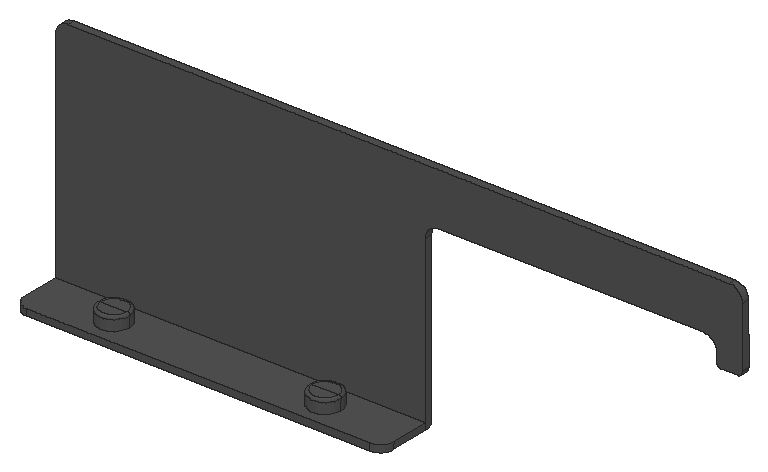
Revit family "CL60023-B_SQUARE TOILET ROLL HOLDER WITH SHELF", category Specialty Equipment, host Face, Revit 2015
Parameters (values of type "SQUARE TOILET ROLL HOLDER WITH SHELF BLACK")
  URL = "https://www.clark.com.au/"
  Model = "CL60023.B"
  Material_Base = GWA-Metal-Black
  Manufacturer = "GWA Bathrooms & Kitchens"  # constant formula
  Description = "SQUARE TOILET ROLL HOLDER WITH SHELF BLACK"
  Default Elevation = 900 mm
  CreatedBy_ANZRS = "GWA Bathrooms & Kitchens"  # constant formula
  Assembly Code = "C1030200"
Types (3, lengths in mm): name | Model | Material_Base | Description
  (no name) | "CL60023.B" | GWA-Metal-Black | "SQUARE TOILET ROLL HOLDER WITH SHELF BLACK"
  SQUARE TOILET ROLL HOLDER WITH SHELF BLACK | "CL60023.B" | GWA-Metal-Black | "SQUARE TOILET ROLL HOLDER WITH SHELF BLACK"
  SQUARE TOILET ROLL HOLDER WITH SHELF WHITE | "CL60023.W" | GWA-Metal-White | "SQUARE TOILET ROLL HOLDER WITH SHELF WHITE"
Reference planes
  plane 1 "Center (Front/Back)": y = 0
  plane 2: z = 0
  plane 3 "Center (Left/Right)": x = 0
  plane 4 "Fixings": y = -10
Forms (mm)
  Extrusion 1, solid, material "GWA-Metal-Black" <- "Material_Base"
    sketch origin (0, 0, 0) x (1, 0, 0) y (0, 1, 0)
      loop
        line (-70, 0) -> (-70, -15)
        arc (-70, -15) -> (-68.536, -18.536) -> (-65, -20) r 5
        line (-65, -20) -> (65, -20)
        arc (65, -20) -> (68.536, -18.536) -> (70, -15) r 5
        line (70, -15) -> (70, 0) -> (-70, 0)
    from 0 to 2.5
  Revolve 2, solid, material "GWA-Metal-Black" <- "Material_Base"
    sketch origin (9.51, -10, 0) x (-1, 0, 0) y (0, 0, 1)
      loop
        line (43.51, 2.5) -> (49.51, 2.5) -> (49.51, 7.5) -> (44.51, 7.5)
        arc (44.51, 7.5) -> (43.802, 7.207) -> (43.51, 6.5) r 1
        line (43.51, 6.5) -> (43.51, 2.5)
      axis (49.51, 7.5) -> (49.51, 2.5)
    angle from 0 to 360
  Revolve 3, solid, material "GWA-Metal-Black" <- "Material_Base"
    sketch origin (-9.51, -10, 0) x (1, 0, 0) y (0, 0, 1)
      loop
        line (43.51, 2.5) -> (49.51, 2.5) -> (49.51, 7.5) -> (44.51, 7.5)
        arc (44.51, 7.5) -> (43.802, 7.207) -> (43.51, 6.5) r 1
        line (43.51, 6.5) -> (43.51, 2.5)
      axis (49.51, 7.5) -> (49.51, 2.5)
    angle from 0 to 360
  Extrusion 4, solid, material "GWA-Metal-Black" <- "Material_Base"
    sketch origin (0, 0, 0) x (1, 0, 0) y (0, 0, 1)
      loop
        line (-70, 0) -> (70, 0) -> (70, 65)
        arc (70, 65) -> (71.464, 68.536) -> (75, 70) r 5
        line (75, 70) -> (175, 70)
        arc (175, 70) -> (178.536, 68.536) -> (180, 65) r 5
        line (180, 65) -> (180, 62)
        arc (180, 62) -> (180.586, 60.586) -> (182, 60) r 2
        line (182, 60) -> (188, 60)
        arc (188, 60) -> (189.414, 60.586) -> (190, 62) r 2
        line (190, 62) -> (190, 85)
        arc (190, 85) -> (188.536, 88.536) -> (185, 90) r 5
        line (185, 90) -> (-65, 90)
        arc (-65, 90) -> (-68.536, 88.536) -> (-70, 85) r 5
        line (-70, 85) -> (-70, 0)
    from -2.5 to 0
  Extrusion 5, void
    sketch origin (0, 0, 0) x (0, 1, 0) y (0, 0, 1)
      loop
        arc (2.5, 2) -> (1.914, 0.586) -> (0.5, 0) r 2
        line (0.5, 0) -> (0.5, -2) -> (4.524, -2) -> (4.524, 2) -> (2.5, 2)
    from -80.959 to 70
Cuts and joins
  Extrusion 5 cuts Extrusion 4
Lines and regions (mm)
  Masking region 1
    outline origin (0, 0, 0) x (1, 0, 0) y (0, 1, 0)
      loop
        line (-70, 2.5) -> (-70, -15)
        arc (-70, -15) -> (-68.536, -18.536) -> (-65, -20) r 5
        line (-65, -20) -> (65, -20)
        arc (65, -20) -> (68.536, -18.536) -> (70, -15) r 5
        line (70, -15) -> (70, 0) -> (190, 0) -> (190, 2.5) -> (-70, 2.5)
  Masking region 2
    outline origin (0, 0, 0) x (1, 0, 0) y (0, 0, 1)
      loop
        line (185, 90) -> (-65, 90)
        arc (-65, 90) -> (-68.536, 88.536) -> (-70, 85) r 5
        line (-70, 85) -> (-70, 0) -> (70, 0) -> (70, 65)
        arc (70, 65) -> (71.464, 68.536) -> (75, 70) r 5
        line (75, 70) -> (175, 70)
        arc (175, 70) -> (178.536, 68.536) -> (180, 65) r 5
        line (180, 65) -> (180, 62)
        arc (180, 62) -> (180.586, 60.586) -> (182, 60) r 2
        line (182, 60) -> (188, 60)
        arc (188, 60) -> (189.414, 60.586) -> (190, 62) r 2
        line (190, 62) -> (190, 85)
        arc (190, 85) -> (188.536, 88.536) -> (185, 90) r 5
  Masking region 3
    outline origin (0, 0, 0) x (0, 1, 0) y (0, 0, 1)
      loop
        line (2.5, 90) -> (0, 90) -> (0, 2.5) -> (-4, 2.5) -> (-4, 6.5)
        arc (-4, 6.5) -> (-4.293, 7.207) -> (-5, 7.5) r 1
        line (-5, 7.5) -> (-15, 7.5)
        arc (-15, 7.5) -> (-15.707, 7.207) -> (-16, 6.5) r 1
        line (-16, 6.5) -> (-16, 2.5) -> (-20, 2.5) -> (-20, 0) -> (0.5, 0)
        arc (0.5, 0) -> (1.914, 0.586) -> (2.5, 2) r 2
        line (2.5, 2) -> (2.5, 90)
  symbolic lines
    curve 1: line (-70, 0, 0) -> (70, 0, 0)
    curve 2: circle (-40, -10, 0) r 6 normal (0, 0, 1)
    curve 3: circle (40, -10, 0) r 6 normal (0, 0, 1)
    curve 4: line (0, -4, 2.5) -> (0, -16, 2.5)
Dimensions and locks
  aligned and locked: plane 2 to host face
  aligned and locked: level to host face
